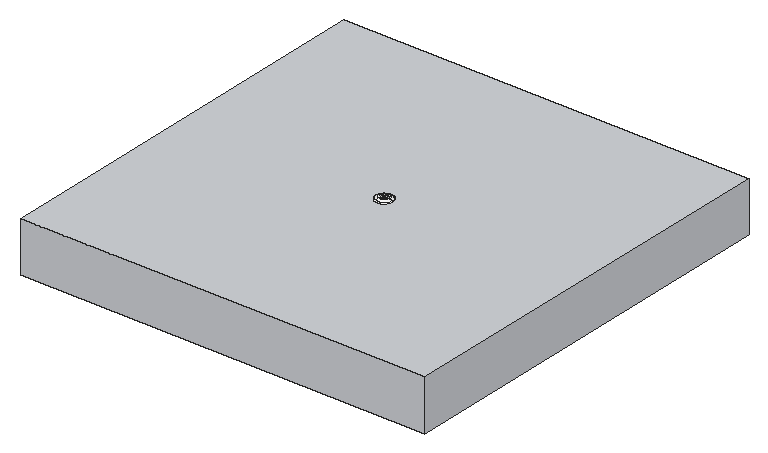
Revit family "Legrand_Gestion_eclairage_Detecteur_Presence_Plafond_SCS", category Dispositifs d'éclairage, Revit 2020
Family settings
  Hôte = Face
  Conserver l'orientation des annotations = Non
  Cote de connecteur circulaire = Utiliser le diamètre
  Type d'élément = Normal
  Couper avec des vides une fois chargée = Non
  Partagée = Non
  Point de calcul de pièce = Non
Parameters
  Zone de détection - Présence [instance] = and([Présence SCS PIR/US 360° 4m], Afficher la zone de détection)  # no
  Zone de détection - Mouvement [instance] = and(Mouvement SCS PIR 360° 4m, Afficher la zone de détection)  # no
  URL = "http://www.legrandoc.com/048820"
  Télécommandable = no
  Type de tension = ""
  Tension nominale (V) = 0
  Température (MIN) (°C) = 0
  Température (MAX) (°C) = 0
  Sensibilité réglable = yes
  Sensibilité lumineuse réglable = yes
  Sensibilité lumineuse (MIN) (lx) = 0
  Sensibilité lumineuse (MAX) (lx) = 0
  Réglage de lumière constante = yes
  Présence SCS PIR/US 360° 4m = no
  Portée max. latérale (m) = 4
  Portée max. frontale (m) = 0
  Numéro RAL = 9003
  Mouvement SCS PIR 360° 4m = yes
  Modèle = "048820"
  Mode de montage = "encastré"
  Liaison neutre = no
  Hauteur de montage maximale (m) = 2.5
  Gestion alarme = no
  Gestion CVC = no
  Fréquence (MIN) (Hz) = 0
  Fréquence (MAX) (Hz) = 0
  Fonction variateur intégré = no
  Fabricant = "Legrand"
  Exécution - Modèle = "détecteur de mouvement"
  Etiquette - Présence [instance] = and([Présence SCS PIR/US 360° 4m], Afficher l'étiquette)  # no
  Etiquette - Mouvement [instance] = and(Mouvement SCS PIR 360° 4m, Afficher l'étiquette)  # no
  Entrée secondaire = no
  Default Elevation = 1219.2 mm
  Durée d'enclenchement min. (s) = 30
  Durée d'enclenchement max. (mn) = 256
  Diamètre de détection sur le plancher (m) = 8
  Description = "Détect ECO BUS/SCS gestion éclair Prog Mosaic - faux plafond - IR - 45m²"
  Courant de démarrage max. (A) = 0
  Coupure forcée = no
  Couleur = Blanc
  Cosses d'artère secondaire = no
  Condition Générale d'Utilisation = "https://export.legrand.com/CGU-objets-BIM"
  Collecteur de terre = no
  Classe de protection (IP) = ""
  Capacité de coupure max. (W) = 0
  Angle de détection horizontal (MIN) (°) = 0
  Angle de détection horizontal (MAX) (°) = 360
  Afficher la zone de détection [instance] = no
  Afficher l'étiquette [instance] = no
  Adapté pour transmission sans fil = no
Types (3, lengths in mm): name | URL | Présence SCS PIR/US 360° 4m | Mouvement SCS PIR 360° 4m | Modèle | Diamètre de détection sur le plancher (m) | Description
  (no name) | "http://www.legrandoc.com/048820" | no | yes | "048820" | 8 | "Détect ECO BUS/SCS gestion éclair Prog Mosaic - faux plafond - IR - 45m²"
  Mouvement SCS PIR 360° 4m | "http://www.legrandoc.com/048820" | no | yes | "048820" | 8 | "Détect ECO BUS/SCS gestion éclair Prog Mosaic - faux plafond - IR - 45m²"
  Présence SCS PIR/US 360° 4m | "http://www.legrandoc.com/048822" | yes | no | "048822" | 11 | "Détect ECO BUS/SCS gestion éclair Prog Mosaic - faux plafond - IR/US-90 m²"
Reference planes
  plane 1 "Centre (avant/arrière)": y = 0
  plane 2: z = 0
  plane 3 "Centre (gauche/droite)": x = 0
Forms (mm)
  Extrusion 1, solid
    sketch origin (0, 0, 0) x (1, 0, 0) y (0, 1, 0)
      loop
        line (-1219.2, 1219.2) -> (-1219.2, -1219.2) -> (1219.2, -1219.2) -> (1219.2, 1219.2) -> (-1219.2, 1219.2)
    from 0 to -304.8
Dimensions and locks
  aligned and locked: plane 2 to Extrusion 1
  aligned and locked: level to Extrusion 1
Nested families
  nested 1: "Modelisation 6" at (0, 0, -35), visible <- "Mouvement SCS PIR 360° 4m", type "Modelisation 6"
  nested 2: "Modélisation 7" at (0, 0, -42.45), visible <- "Présence SCS PIR/US 360° 4m", type "Modélisation 7"
  nested 3: "Zone de détection - Présence" at (0, 0, 0), visible <- "Zone de détection - Présence", type "Zone de détection - Présence"
  nested 4: "Zone de détection - Mouvement" at (0, 0, 0), visible <- "Zone de détection - Mouvement", type "Zone de détection - Mouvement"
  nested 5: "Etiquette de zone" at (-40, 3836.604, 0), visible <- "Etiquette - Mouvement", type "Etiquette de zone Mouvement"
  nested 6: "Etiquette de zone" at (-40, 5396.604, 0), visible <- "Etiquette - Présence", type "Etiquette de zone Présence"
Connectors
  electrical at (0, 0, 0)
    settings: index 1, voltage 230 V, apparent load 0 VA, apparent load phase1 0 VA, apparent load phase2 0 VA, apparent load phase3 0 VA, power factor 1, load classification "Eclairage", number of poles 1, system type 30, power factor state 1, is connector primary yes, connector utility no, sub classification motor no, connector description ""
Definition of nested family "Modelisation 6"
  Parameters (values of type "Modelisation 6")
    Matériau couleur = none
    built-in parameter 1140140 [instance] = 1 (stored number, unit not read)
    Default Elevation = 0 mm
    built-in parameter 1140142 [instance] = -1
    built-in parameter 1155100 [instance] = -1
  Reference planes
    plane 1 "Centre (avant/arrière)": y = 0
    plane 2: z = 0
    plane 3 "Centre (gauche/droite)": x = 0
    plane 4: z = 0
  Forms (mm)
    Extrusion 1, solid, material <- "Matériau couleur"
      sketch origin (0, 0, 0) x (1, 0, 0) y (0, 1, 0)
        loop
          line (-26, 25) -> (-26, -25) -> (26, -25) -> (26, 25) -> (-26, 25)
      from 0 to 35
    Extrusion 2, void
      sketch origin (0, 0, 0) x (1, 0, 0) y (0, 0, 1)
        loop
          line (-6, 0) -> (26, 0) -> (26, 15.035) -> (-6, 15.035) -> (-6, 0)
      from 0 to 25
    Revolve 3, solid, material <- "Matériau couleur"
      sketch origin (1.358, 0.055, -26.338) x (0, 0, 1) y (-1, 0, 0)
        loop
          arc (61.338, -49.642) -> (62.26, -46.64) -> (63.386, -43.708) r 45.62
          arc (63.386, -43.708) -> (66.838, -36.184) -> (70.721, -28.872) r 142.583
          arc (70.721, -28.872) -> (71.869, -25.627) -> (72.338, -22.217) r 16.945
          line (72.338, -22.217) -> (72.338, 1.358) -> (61.338, 1.358) -> (61.338, -49.642)
        axis (61.338, 1.358) -> (72.338, 1.358)
      angle from 0 to 360
    Extrusion 4, void
      sketch origin (50.589, 0.055, 0) x (0, -1, 0) y (1, 0, 0)
        loop
          arc (-4.645, -21.741) -> (-6.31, -22.43) -> (-7, -24.096) r 2.355
          line (-7, -24.096) -> (-7, -30.749) -> (7, -30.749) -> (7, -24.096)
          arc (7, -24.096) -> (6.31, -22.43) -> (4.645, -21.741) r 2.355
          line (4.645, -21.741) -> (-4.645, -21.741)
      from 41 to 46
    Revolve 5, solid
      sketch origin (1.358, 0.055, -34.438) x (0, 0, 1) y (-1, 0, 0)
        loop
          line (83.37, -17.589) -> (86.438, -11.067) -> (86.438, 1.358) -> (80.438, 1.358) -> (80.438, -19.642) -> (83.37, -17.589)
        axis (80.438, 1.358) -> (86.438, 1.358)
      angle from 0 to 360
  Cuts and joins
    Extrusion 2 cuts Extrusion 1
    Extrusion 4 cuts Revolve 3
  Dimensions and locks
    aligned and locked: level to plane 2
    aligned and locked: Extrusion 1 to plane 4
Definition of nested family "Modélisation 7"
  Parameters (values of type "Modélisation 7")
    Matériau couleur = none
    built-in parameter 1140140 [instance] = 1 (stored number, unit not read)
    Default Elevation = 0 mm
    built-in parameter 1140142 [instance] = -1
    built-in parameter 1155100 [instance] = -1
  Reference planes
    plane 1 "Centre (avant/arrière)": y = 0
    plane 2: z = 0
    plane 3 "Centre (gauche/droite)": x = 0
    plane 4: z = 0
  Forms (mm)
    Extrusion 1, solid, material <- "Matériau couleur"
      sketch origin (0, 0, 0) x (1, 0, 0) y (0, 1, 0)
        loop
          line (-14.185, 25) -> (-25, 16.313) -> (-25, -16.313) -> (-14.185, -25) -> (14.185, -25) -> (25, -16.313) -> (25, 16.313) -> (14.185, 25) -> (-14.185, 25)
      from 0 to 42.45
    Extrusion 2, void
      sketch origin (0, 0, 0) x (0, 1, 0) y (0, 0, 1)
        loop
          line (-5, 0) -> (25, 0) -> (25, 17.5) -> (-5, 17.5) -> (-5, 0)
      from 0 to 25
    Revolve 3, solid, material <- "Matériau couleur"
      sketch origin (1.358, 0.025, -18.888) x (0, 0, 1) y (-1, 0, 0)
        loop
          arc (61.338, -59.642) -> (62.317, -57.648) -> (63.386, -55.701) r 48.532
          line (63.386, -55.701) -> (70.721, -38.872)
          arc (70.721, -38.872) -> (71.869, -35.627) -> (72.338, -32.217) r 16.945
          line (72.338, -32.217) -> (72.338, 1.358) -> (61.338, 1.358) -> (61.338, -59.642)
        axis (61.338, 1.358) -> (72.338, 1.358)
      angle from 0 to 360
    Extrusion 4, void
      sketch origin (-0.866, 0.025, 7.45) x (0, -1, 0) y (1, 0, 0)
        loop
          arc (7.743, 30.655) -> (0, 31.636) -> (-7.743, 30.655) r 31.035
          arc (-7.743, 30.655) -> (-10.04, 27.356) -> (-7.779, 24.032) r 3.545
          arc (-7.779, 24.032) -> (-7.108, 24.108) -> (-6.442, 24.22) r 12.395
          arc (-6.442, 24.22) -> (0, 24.671) -> (6.442, 24.22) r 46.217
          arc (6.442, 24.22) -> (7.108, 24.108) -> (7.779, 24.032) r 12.395
          arc (7.779, 24.032) -> (10.04, 27.356) -> (7.743, 30.655) r 3.545
      from 44 to 46
    Extrusion 5, void
      sketch origin (0, 0.025, 7.45) x (0, 1, 0) y (-1, 0, 0)
        loop
          circle (31.271, 0) r 7
      from 41.538 to 46
    Extrusion 6, void
      sketch origin (0, 0.025, 7.45) x (0, -1, 0) y (1, 0, 0)
        loop
          circle (31.271, 0) r 7
      from 41.538 to 46
    Extrusion 7, solid, material <- "Matériau couleur"
      sketch origin (0, 0.018, 7.45) x (-1, 0, 0) y (0, 0, -1)
        loop
          line (4.171, -35) -> (-4.171, -35)
          arc (-4.171, -35) -> (-2.97, -35.322) -> (-2.09, -36.201) r 2.402
          arc (-2.09, -36.201) -> (-1.207, -37.085) -> (0, -37.408) r 2.414
          arc (0, -37.408) -> (1.207, -37.085) -> (2.09, -36.201) r 2.414
          arc (2.09, -36.201) -> (2.97, -35.322) -> (4.171, -35) r 2.402
      from 52.702 to 61.018
    Revolve 8, solid
      sketch origin (1.358, 0.025, -28.438) x (0, 0, 1) y (-1, 0, 0)
        loop
          line (83.37, -17.589) -> (86.438, -11.067) -> (86.438, 1.358) -> (80.438, 1.358) -> (80.438, -19.642) -> (83.37, -17.589)
        axis (80.438, 1.358) -> (86.438, 1.358)
      angle from 0 to 360
    Extrusion 9, void
      sketch origin (0, 0.025, 7.45) x (0, 1, 0) y (-1, 0, 0)
        loop
          spline (40.23, 0) -> (38.859, 5.435) -> (34.84, 10.5) -> (28.447, 14.849) -> (20.115, 18.187) -> (10.412, 20.284) -> (0, 21) -> (-10.412, 20.284) -> (-20.115, 18.187) -> (-28.447, 14.849) -> (-34.84, 10.5) -> (-38.859, 5.435) -> (-40.23, 0)
          spline (-40.23, 0) -> (-38.859, -5.435) -> (-34.84, -10.5) -> (-28.447, -14.849) -> (-20.115, -18.187) -> (-10.412, -20.284) -> (0, -21) -> (10.412, -20.284) -> (20.115, -18.187) -> (28.447, -14.849) -> (34.84, -10.5) -> (38.859, -5.435) -> (40.23, 0)
      from 44.383 to 52.481
  Cuts and joins
    Extrusion 2 cuts Extrusion 1
    Extrusion 4, Extrusion 5, Extrusion 6, Extrusion 9 cuts Revolve 3
  Dimensions and locks
    Revolve 3 sketch curve to Revolve 3 sketch curve = 27.425 mm
    aligned and locked: level to plane 2
    aligned and locked: Extrusion 1 to plane 4
    aligned and locked: plane 4 to plane 2
Definition of nested family "Zone de détection - Présence"
  Reference planes
    plane 1 "Centre (avant/arrière)": y = 0
    plane 2: z = 0
    plane 3 "Centre (gauche/droite)": x = 0
  Lines and regions (mm)
    detail lines, in view "Niveau de réf."
      curve 1: circle (0, 0, 0) r 2000 normal (0, 0, 1)
      curve 2: circle (0, 0, 0) r 3000 normal (0, 0, 1)
      curve 3: circle (0, 0, 0) r 5500 normal (0, 0, 1)
Definition of nested family "Zone de détection - Mouvement"
  Reference planes
    plane 1 "Centre (avant/arrière)": y = 0
    plane 2: z = 0
    plane 3 "Centre (gauche/droite)": x = 0
  Lines and regions (mm)
    detail lines, in view "Niveau de réf."
      curve 1: circle (0, 0, 0) r 2000 normal (0, 0, 1)
      curve 2: circle (0, 0, 0) r 3000 normal (0, 0, 1)
      curve 3: circle (0, 0, 0) r 3250 normal (0, 0, 1)
      curve 4: circle (0, 0, 0) r 4000 normal (0, 0, 1)
Definition of nested family "Etiquette de zone"
  Parameters (values of type "Etiquette de zone")
    Etiquette de zone = ""
  Reference planes
    plane 1: y = 0
    plane 2: x = 0
  Text (mm)
    label "Etiquette de zone" at (0.638, -4.46, 0), shows "Etiquette de zone"
